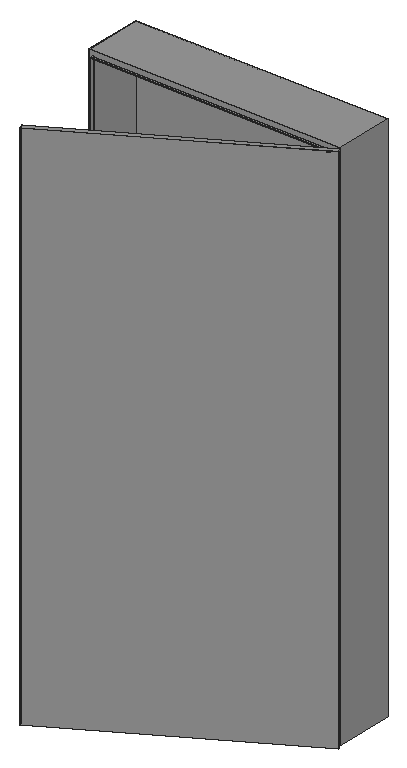
Revit family "Hager-Univers-IP54-D205-H1700-Cl.I-encl-NoHosted-DE-de", category Equipement électrique, Revit 2020
Family settings
  Configuration du panneau = Deux colonnes, circuits au sein
  Cote de connecteur circulaire = Utiliser le diamètre
  Type d'élément = Tableau de raccordement
  Basée sur le plan de construction = Oui
  Toujours verticalement = Oui
  Couper avec des vides une fois chargée = Non
  Partagée = Non
  Point de calcul de pièce = Non
Parameters (values of type "Aufputz IP54 B800 H1700 T205  - FP13TW2")
  Width Control [instance] = if([EF000008 - Breite] > Min Width, [EF000008 - Breite], Min Width)  # 800 mm
  Commentaires du type = [HG000003 - Bereich]  # "Univers"
  Thickness Door [instance] = if([EF009171 - Materialstärke Tür/Deckel] > 3 mm, 3 mm, [EF009171 - Materialstärke Tür/Deckel])  # 1 mm
  Seal Frame Offset [instance] = 17 mm  # constant formula
  Plinth Visibility [instance] = [HG000027 - Sockelhöhe] > 0 mm  # no
  Min Width [instance] = 100 mm  # constant formula
  Min Depth [instance] = (2 * [EF009170 - Materialstärke Gehäuse]) + 1 mm  # 3 mm
  Min Height [instance] = 100 mm  # constant formula
  Internal Frame Depth [instance] = (Door System Depth * 0.5)  # 9 mm
  Panel Name [instance] = ""  # (empty or 0)
  Model = ""
  HG000027 - Sockelhöhe = 0 mm
  HG000026 - Stehend auf dem Boden = no
  HG000024 - Höhe des unteren Teils = 600 mm
  HG000023 - Gehäuse mit doppeltem Querschnitt = no
  HG000016 - 3D-Türsichtbarkeit [instance] = yes
  HG000015 - Sichtbarkeit der Türöffnung [instance] = no
  HG000014 - Tür rechts [instance] = yes
  HG000013 - Tür links [instance] = not([HG000014 - Tür rechts])  # no
  HG000012 - Türschwenkwinkel [instance] = 30.00°
  HG000010 - Asymmetrische Türen = no
  HG000009 - Doppelflügeligen Tür = no
  HG000006 - Unterputz = no
  HG000004 - Herstellerreferenz = "FP13TW2"
  HG000003 - Bereich = "Univers"
  HG000002 - Mit tür = yes
  Frame Offset Bottom [instance] = 10 mm  # constant formula
  Frame Offset [instance] = 15 mm  # constant formula
  EF015940 - Deckel mit Überdruckentlastung = no
  EF011959 - Schutzart (NEMA) = ""
  EF009554 - Anzahl der Öffnungen für Flanschplatten = 6
  EF009212 - Ausführung Deckel = "EV000116 - geschlossen"
  EF009171 - Materialstärke Tür/Deckel = 1 mm
  EF009170 - Materialstärke Gehäuse = 1 mm
  EF008873 - Nennstrom (In) = 400 A
  EF007800 - Geeignet für Blitzschutz = no
  EF006306 - Mit Schloss = no
  EF006244 - Transparenter Deckel/Tür = no
  EF005474 - Schutzart (IP) = "EV006419 - IP54"
  EF004464 - Art der Tür = "EV002646 - Einzel"
  EF004427 - Anzahl der Module = 396
  EF004293 - Schlagfestigkeit = "EV006815 - IK09"
  EF003532 - Geeignet für Außengebrauch = no
  EF002950 - Breite in Teilungseinheiten = 36
  EF001613 - Funktionserhalt = "EV000494 - ohne"
  EF001596 - Werkstoff des Gehäuses = "EV000179 - Stahl"
  EF001131 - Innentiefe = 205 mm
  EF001088 - Anbaumöglichkeit = yes
  EF000437 - Anzahl der Leitungseinführungen = 6
  EF000339 - Art der Abdeckung = "EV001012 - Deckel"
  EF000266 - Anzahl der Reihen = 11
  EF000218 - Einbautiefe = 205 mm
  EF000118 - Mit Montageplatte = no
  EF000116 - RAL-Nummer = "9010"
  EF000049 - Tiefe = 205 mm
  EF000040 - Höhe = 1700 mm
  EF000008 - Breite = 800 mm
  EF000007 - Farbe = "EV000202 - weiß"
  EF000003 - Montageart = "EV000384 - Aufputz"
  Door System Leaf Tolerance [instance] = 1.5 mm  # constant formula
  Door System Depth [instance] = 18 mm  # constant formula
  Door Height [instance] = Height Control - [HG000027 - Sockelhöhe]  # 1700 mm
  Description = ""
  Default Elevation = 1219.2 mm
  Connector Offset [instance] = Height Control / 2  # 850 mm
  Fabricant = "Hager"  # constant formula
  Height Control [instance] = if([EF000040 - Höhe] > Min Height, [EF000040 - Höhe], Min Height)  # 1700 mm
  Depth Control [instance] = if([EF000049 - Tiefe] > Min Depth, [EF000049 - Tiefe], Min Depth)  # 205 mm
  Bottom Top Plate Trim [instance] = 1.5 mm  # constant formula
  Plinth height Ctrl [instance] = if([HG000027 - Sockelhöhe] > 0 mm, [HG000027 - Sockelhöhe], 12 mm)  # 12 mm
Types (8, lengths in mm): name | Width Control | HG000009 - Doppelflügeligen Tür | HG000004 - Herstellerreferenz | EF009554 - Anzahl der Öffnungen für Flanschplatten | EF008873 - Nennstrom (In) | EF004464 - Art der Tür | EF004427 - Anzahl der Module | EF002950 - Breite in Teilungseinheiten | EF000437 - Anzahl der Leitungseinführungen | EF000008 - Breite
  Aufputz IP54 B1050 H1700 T205  - FP14TW2 | 1050 | yes | "FP14TW2" | 8 | 400 A | "EV003602 - Doppel" | 528 | 48 | 8 | 1050
  Aufputz IP54 B1300 H1700 T205  - FP15TW | 1300 | yes | "FP15TW" | 10 | 400 A | "EV003602 - Doppel" | 660 | 60 | 10 | 1300
  Aufputz IP54 B1300 H1700 T205  - FP15TW2 | 1300 | no | "FP15TW2" | 10 | 400 A | "EV003602 - Doppel" | 660 | 60 | 10 | 1300
  Aufputz IP54 B300 H1700 T205  - FP11TW2 | 300 | no | "FP11TW2" | 2 | 250 A | "EV002646 - Einzel" | 132 | 12 | 2 | 300
  Aufputz IP54 B550 H1700 T205  - FP12TW | 550 | no | "FP12TW" | 4 | 250 A | "EV002646 - Einzel" | 264 | 24 | 4 | 550
  Aufputz IP54 B550 H1700 T205  - FP12TW2 | 550 | no | "FP12TW2" | 4 | 250 A | "EV002646 - Einzel" | 264 | 24 | 4 | 550
  Aufputz IP54 B800 H1700 T205  - FP13TW | 800 | no | "FP13TW" | 6 | 400 A | "EV002646 - Einzel" | 396 | 36 | 6 | 800
  Aufputz IP54 B800 H1700 T205  - FP13TW2 | 800 | no | "FP13TW2" | 6 | 400 A | "EV002646 - Einzel" | 396 | 36 | 6 | 800
Reference planes
  plane 1 "Center (Front/Back)": y = 0
  plane 2: z = 0
  plane 3 "Center (Left/Right)": x = 0
  plane 4: y = 0
  plane 5: y = 0
  plane 6: z = 0
  plane 7: x = -400
  plane 8: x = 400
  plane 9: x = 399
  plane 10: x = -399
  plane 11: z = 0
  plane 12: z = 1
  plane 13: y = -205
  plane 14: y = -1
  plane 15: x = 0
  plane 16: y = -187
  plane 17: y = -204
  plane 18: y = -186
  plane 19: x = -384
  plane 20: x = 384
  plane 21: z = 11
  plane 22: x = -383
  plane 23: x = 383
  plane 24: z = 0
  plane 25: z = 1700
  plane 26: z = 1700
  plane 27: z = 1684
  plane 28: z = 1699
Forms (mm)
  Extrusion 1, solid, material "Hager_Steel_RAL7035_Light_Grey", detail levels medium+fine
    sketch origin (-208.679, -4572, 0) x (-1, 0, 0) y (0, -1, 0)
      loop
        line (191.321, -4385) -> (-608.679, -4385) -> (-608.679, -4572) -> (191.321, -4572) -> (191.321, -4385)
    from 0 to 1700
  Extrusion 2, void
    sketch origin (-350.771, -205, 1219.2) x (1, 0, 0) y (0, 0, 1)
      loop
        line (-48.229, 479.8) -> (-48.229, -1218.2) -> (749.771, -1218.2) -> (749.771, 479.8) -> (-48.229, 479.8)
    from -19 to -204
  Extrusion 3, void
    sketch origin (-290.084, -187, 1219.2) x (1, 0, 0) y (0, 0, 1)
      loop
        line (-93.916, -1208.2) -> (674.084, -1208.2) -> (674.084, 464.8) -> (-93.916, 464.8) -> (-93.916, -1208.2)
    from 0 to -1
  Extrusion 4, solid, material "Hager_Steel_RAL7035_Light_Grey", visible <- "Plinth Visibility", detail levels medium+fine
    sketch origin (0, 0, 0) x (1, 0, 0) y (0, 1, 0)
      loop
        line (-400, 0) -> (-400, -187) -> (400, -187) -> (400, 0) -> (-400, 0)
    from 0 to 12 <- "Plinth height Ctrl"
  Extrusion 5, solid, material "Hager_Steel_RAL7035_Light_Grey", detail levels coarse
    sketch origin (0, 0, 0) x (1, 0, 0) y (0, 1, 0)
      loop
        line (-400, 0) -> (-400, -205) -> (400, -205) -> (400, 0) -> (-400, 0)
    from 0 to 1700 <- "Height Control"
  Sweep 6, void
    path in 3D
      loop
        line (-400, -187, 12) -> (400, -187, 12) -> (400, 0, 12) -> (-400, 0, 12) -> (-400, -187, 12)
    profile origin (-400, -93.5, 12) x (1, 0, 0) y (0, 0, 1)
      loop
        line (0, 0) -> (0, -1.5) -> (1.5, -1.5)
        arc (1.5, -1.5) -> (1.061, -0.439) -> (0, 0) r 1.5
  Extrusion 7, solid, material "Hager_Steel_RAL7035_Light_Grey", detail levels fine
    sketch origin (-400, -187, 0) x (1, 0, 0) y (0, 0, 1)
      loop
        line (16, 11) -> (784, 11) -> (784, 1684) -> (16, 1684) -> (16, 11)
      loop
        line (15, 10) -> (785, 10) -> (785, 1685) -> (15, 1685) -> (15, 10)
    from 0 to 9 <- "Internal Frame Depth"
Cuts and joins
  Extrusion 2, Extrusion 3 cuts Extrusion 1
  Sweep 6 cuts Extrusion 4
Lines and regions (mm)
  Masking region 1
    outline origin (0, 0, 0) x (1, 0, 0) y (0, 1, 0)
      loop
        line (-400, 0) -> (-400, -205) -> (400, -205) -> (400, 0) -> (-400, 0)
  Masking region 2, detail levels coarse
    outline origin (-290.084, -187, 1219.2) x (-1, 0, 0) y (0, 0, 1)
      loop
        line (-690.084, -1219.2) -> (109.916, -1219.2) -> (109.916, 480.8) -> (-690.084, 480.8) -> (-690.084, -1219.2)
  Masking region 3, detail levels coarse
    outline origin (0, 0, 0) x (0, 1, 0) y (0, 0, 1)
      loop
        line (0, 0) -> (0, 1700) -> (-205, 1700) -> (-205, 0) -> (0, 0)
  Masking region 4, visible <- "Plinth Visibility", detail levels medium+fine
    outline origin (0, 0, 0) x (0, 1, 0) y (0, 0, 1)
      loop
        line (-1.5, 12) -> (-185.5, 12)
        arc (-185.5, 12) -> (-185.939, 10.939) -> (-187, 10.5) r 1.5
        line (-187, 10.5) -> (-187, 0) -> (0, 0) -> (0, 10.5)
        arc (0, 10.5) -> (-1.061, 10.939) -> (-1.5, 12) r 1.5
  Masking region 5, detail levels medium+fine
    outline origin (0, 0, 594.038) x (0, 1, 0) y (0, 0, 1)
      loop
        line (0, -594.038) -> (0, 1105.962) -> (-187, 1105.962) -> (-187, -594.038) -> (0, -594.038)
  Masking region 6, detail levels medium+fine
    outline origin (-359.7, -187, 1211.883) x (-1, 0, 0) y (0, 0, 1)
      loop
        line (-759.7, -1211.883) -> (40.3, -1211.883) -> (40.3, 488.117) -> (-759.7, 488.117) -> (-759.7, -1211.883)
  Masking region 7, visible <- "Plinth Visibility", detail levels medium+fine
    outline origin (-320.334, -187, 1041.368) x (-1, 0, 0) y (0, 0, 1)
      loop
        line (-720.334, -1041.368) -> (79.666, -1041.368) -> (79.666, -1030.868)
        arc (79.666, -1030.868) -> (78.606, -1030.429) -> (78.166, -1029.368) r 1.5
        line (78.166, -1029.368) -> (-718.834, -1029.368)
        arc (-718.834, -1029.368) -> (-719.273, -1030.429) -> (-720.334, -1030.868) r 1.5
        line (-720.334, -1030.868) -> (-720.334, -1041.368)
  sketch lines
    curve 1: line (-400, 0, 12) -> (-400, -187, 12)
    curve 2: line (-400, -187, 12) -> (400, -187, 12)
    curve 3: line (400, 0, 12) -> (-400, 0, 12)
    curve 4: line (400, -187, 12) -> (400, 0, 12)
Dimensions and locks
  locked: plane 1 "Center (Front/Back)" to plane 5
  "EF009170 - Materialstärke Gehäuse": plane 7 to plane 10
  "EF009170 - Materialstärke Gehäuse": plane 8 to plane 9
  equal spacing: plane 7, plane 3 "Center (Left/Right)", plane 8
  "Width Control": plane 7 to plane 8
  "Depth Control": plane 4 to plane 13
  "EF009170 - Materialstärke Gehäuse": plane 4 to plane 14
  "Height Control": plane 25 to level
  "HG000027 - Sockelhöhe": plane 11 to level
  "EF009170 - Materialstärke Gehäuse": plane 12 to plane 11
  "EF009170 - Materialstärke Gehäuse": plane 17 to plane 13
  "EF009170 - Materialstärke Gehäuse": plane 18 to plane 16
  "Frame Offset Bottom": plane 21 to plane 12
  "Frame Offset": plane 10 to plane 19
  "Frame Offset": plane 9 to plane 20
  "Door System Depth": plane 16 to plane 13
  "Seal Frame Offset": plane 7 to plane 22
  "Seal Frame Offset": plane 8 to plane 23
  "EF009170 - Materialstärke Gehäuse": plane 26 to plane 28
  "Frame Offset": plane 28 to plane 27
  "Connector Offset": plane 2 to connector elem
  "Bottom Top Plate Trim": profile plane to Sweep 6 sketch curve
  "Bottom Top Plate Trim": Sweep 6 sketch curve to Sweep 6 sketch curve
  "Plinth height Ctrl": Masking region 4 sketch curve to level
  "Plinth height Ctrl": Masking region 7 sketch curve to level
  "Thickness Door": Extrusion 7 sketch curve to Extrusion 7 sketch curve  (x4)
  "Bottom Top Plate Trim": radius of Sweep 6 sketch curve
  "Bottom Top Plate Trim": radius of Masking region 4 sketch curve  (x2)
  "Bottom Top Plate Trim": radius of Masking region 7 sketch curve  (x2)
  aligned and locked: Extrusion 2 sketch curve to plane 12
  aligned and locked: Extrusion 2 sketch curve to plane 9
  aligned and locked: Extrusion 2 sketch curve to plane 10
  aligned and locked: Extrusion 2 to plane 14
  aligned and locked: Extrusion 1 sketch curve to plane 4
  aligned and locked: plane 8 to Extrusion 1 sketch curve
  aligned and locked: plane 7 to Extrusion 1 sketch curve
  aligned and locked: Extrusion 2 to plane 18
  aligned and locked: Extrusion 3 sketch curve to plane 19
  aligned and locked: plane 20 to Extrusion 3 sketch curve
  aligned and locked: Extrusion 3 to Extrusion 2
  aligned and locked: Extrusion 3 sketch curve to plane 21
  aligned and locked: plane 3 "Center (Left/Right)" to nested 1
  aligned and locked: Extrusion 1 sketch curve to plane 16
  aligned and locked: Extrusion 4 sketch curve to cut or joined group of Extrusion 1, Extrusion 2, Extrusion 3
  aligned and locked: Masking region 1 sketch curve to plane 7
  aligned and locked: Masking region 1 sketch curve to plane 5
  aligned and locked: Masking region 1 sketch curve to plane 8
  aligned and locked: Masking region 2 sketch curve to level
  aligned and locked: level to Masking region 3 sketch curve
  aligned and locked: plane 1 "Center (Front/Back)" to Masking region 3 sketch curve
  aligned and locked: plane 13 to Masking region 3 sketch curve
  aligned and locked: plane 5 to Masking region 4 sketch curve
  aligned and locked: Masking region 2 sketch curve to plane 8
  aligned and locked: Masking region 2 sketch curve to plane 7
  aligned and locked: plane 7 to nested 2
  aligned and locked: nested 2 to plane 5
  aligned and locked: plane 5 to Masking region 5 sketch curve
  aligned and locked: plane 26 to Masking region 5 sketch curve
  aligned and locked: Extrusion 5 sketch curve to plane 8
  aligned and locked: Extrusion 5 sketch curve to plane 7
  aligned and locked: Extrusion 5 sketch curve to plane 5
  aligned and locked: Extrusion 3 sketch curve to plane 27
  aligned and locked: Extrusion 2 sketch curve to plane 28
  aligned and locked: Masking region 2 to plane 25
  aligned and locked: Extrusion 4 to plane 16
  aligned and locked: profile plane to Sweep 6 sketch curve
  aligned and locked: Masking region 5 sketch curve to plane 24
  aligned and locked: level to Masking region 4 sketch curve
  aligned and locked: Masking region 1 to plane 13
  aligned and locked: nested 1 to plane 16
  aligned and locked: Masking region 3 to plane 25
  aligned and locked: plane 16 to Masking region 4 sketch curve
  aligned and locked: Masking region 5 sketch curve to plane 16
  aligned and locked: plane 24 to plane 11
  aligned and locked: plane 26 to plane 25
  aligned and locked: plane 26 to cut or joined group of Extrusion 1, Extrusion 2, Extrusion 3
  aligned and locked: nested 1 to plane 24
  aligned and locked: Extrusion 1 to Extrusion 3
  aligned and locked: Masking region 6 sketch curve to plane 8
  aligned and locked: Masking region 6 sketch curve to plane 24
  aligned and locked: Masking region 6 sketch curve to plane 7
  aligned and locked: Masking region 6 sketch curve to plane 26
  aligned and locked: Masking region 7 sketch curve to plane 7
  aligned and locked: level to Masking region 7 sketch curve
  aligned and locked: Masking region 7 sketch curve to plane 8
  aligned and locked: Extrusion 7 sketch curve to cut or joined group of Extrusion 1, Extrusion 2, Extrusion 3  (x4)
Automatic sketch dimensions
  plane 19 to Extrusion 3 sketch curve = 0 mm
  Extrusion 3 sketch curve to plane 20 = 0 mm
  Extrusion 3 sketch curve to plane 21 = 0 mm
  Extrusion 4 sketch curve to plane 7 = 0 mm
  Extrusion 4 sketch curve to plane 8 = 0 mm
  Extrusion 4 sketch curve to plane 16 = 0 mm
  Masking region 1 sketch curve to plane 13 = 0 mm
  Masking region 2 sketch curve to plane 25 = 0 mm
  Masking region 3 sketch curve to plane 25 = 0 mm
  Extrusion 5 sketch curve to plane 13 = 0 mm
  profile plane to Sweep 6 sketch curve = 0 mm
Nested families
  nested 1: "EC000058_Univers_Door" at (0, -187, 0), Double <- "HG000009 - Doppelflügeligen Tür", Transparent <- "EF006244 - Transparenter Deckel/Tür", Angle <- "HG000012 - Türschwenkwinkel", Door_Right <- "HG000014 - Tür rechts", Assymetrical <- "HG000010 - Asymmetrische Türen", Door <- "HG000002 - Mit tür", Width_Ctrl <- "Width Control", 3d_Door <- "HG000016 - 3D-Türsichtbarkeit", Clearance <- "HG000015 - Sichtbarkeit der Türöffnung", Door_Left <- "HG000013 - Tür links", Width <- "Width Control", Door_Depth <- "Door System Depth", Leaf_Tolerance <- "Door System Leaf Tolerance", Height <- "Door Height", Lock_Visibility <- "EF006306 - Mit Schloss", Thickness <- "Thickness Door", type "EC000058_Univers_Door", detail levels medium+fine
    with min_wh 3 mm, Width_Ctrl 800 mm, Width 800 mm, Transparent no, Thickness 1 mm, Seal_Material Hager_Rubber, Lock_Visibility no, Lock_Material Hager_Plastic_RAL9005_Jet_Black, Leaf_Width 800 mm, Leaf_Tolerance_External_Sides 0 mm, Leaf_Tolerance 1.5 mm, Leaf_Offset 0 mm, Leaf_Height 1697 mm, Leaf_2_Width 800 mm, Leaf_2_Offset 400 mm, Leaf_1_Width 800 mm, Leaf_1_Offset 400 mm, Height_Ctrl 1700 mm, Height 1700 mm, Glass_Material Hager_Glass, Double_Clearance_Ctrl no, Double no, Door_Right_Ctrl yes, Door_Right yes, Door_Material Hager_Steel_RAL7035_Light_Grey, Door_Left_Ctrl no, Door_Left no, Door_Depth 18 mm, Door yes, Clearance_Material Hager_Clearance, Clearance_Depth 800 mm, Clearance_Ctrl no, Clearance no, Assymetrical no, Angle 30.00°, 3d_Door yes
  nested 2: "Hager_Enclosure_Symbol" at (-400, 0, 0), Height <- "Depth Control", Width <- "Width Control", type "Hager_Enclosure_Symbol"
    with Width_Ctrl 800 mm, Width 800 mm, Height_Ctrl 205 mm, Height 205 mm, A_Width_Int 13.453 mm, A_Width 161.438 mm, A_Height_Ctrl 179.375 mm, A_Height 179.375 mm
Connectors
  electrical at (0, 0, 850)
    settings: on plane 1 "Center (Front/Back)", index 1, voltage 0 V, apparent load 0 VA, apparent load phase1 0 VA, apparent load phase2 0 VA, apparent load phase3 0 VA, power factor 1, load classification "Other", number of poles 1, system type 30, power factor state 1, is connector primary yes, connector utility no, sub classification motor no, connector description ""
Definition of nested family "EC000058_Univers_Door"
  Parameters (values of type "EC000058_Univers_Door")
    min_wh [instance] = (2 * Thickness) + 1 mm  # 11 mm
    Width_Ctrl [instance] = 400 mm
    Width [instance] = 500 mm
    Transparent [instance] = yes
    Thickness [instance] = 5 mm
    Seal_Material [instance] = none
    Lock_Visibility [instance] = yes
    Lock_Material [instance] = none
    Leaf_Width [instance] = if((Width_Ctrl - 2 * Leaf_Tolerance_External_Sides) > 0 mm, (Width_Ctrl - 2 * Leaf_Tolerance_External_Sides), min_wh)  # 400 mm
    Leaf_Tolerance_External_Sides [instance] = 0 mm  # constant formula
    Leaf_Tolerance [instance] = 1.5 mm
    Leaf_Offset [instance] = 0 mm  # constant formula
    Leaf_Height [instance] = if((Height_Ctrl - 2 * Leaf_Tolerance) > 0 mm, (Height_Ctrl - 2 * Leaf_Tolerance), min_wh)  # 497 mm
    Leaf_2_Width [instance] = if(and(and(Double, Assymetrical), Door_Left), (Leaf_Width / 3) - (Leaf_Tolerance / 2), if(and(and(Double, Assymetrical), Door_Right), (Leaf_Width / 3) * 2 - (Leaf_Tolerance / 2), if(and(Double, not(Assymetrical)), (Leaf_Width / 2) - Leaf_Tolerance, Leaf_Width)))  # 400 mm
    Leaf_2_Offset [instance] = if(and(Double, Assymetrical), Leaf_2_Width / 2, if(and(Double, not(Assymetrical)), Leaf_Width / 4, Leaf_Width / 2))  # 200 mm
    Leaf_1_Width [instance] = if(and(and(Double, Assymetrical), Door_Right), (Leaf_Width / 3) - (Leaf_Tolerance / 2), if(and(and(Double, Assymetrical), Door_Left), (Width / 3) * 2 - (Leaf_Tolerance / 2), if(and(Double, not(Assymetrical)), (Leaf_Width / 2) - Leaf_Tolerance, Leaf_Width)))  # 400 mm
    Leaf_1_Offset [instance] = if(and(Double, Assymetrical), Leaf_1_Width / 2, if(and(Double, not(Assymetrical)), Leaf_Width / 4, Leaf_Width / 2))  # 200 mm
    Height_Ctrl [instance] = if(Height > min_wh, Height, min_wh)  # 500 mm
    Height [instance] = 500 mm
    Glass_Material [instance] = none
    Double_Clearance_Ctrl [instance] = and(Double, Clearance)  # no
    Double [instance] = no
    Door_Right_Ctrl [instance] = and(or(Door_Right, Double), Door)  # yes
    Door_Right [instance] = yes
    Door_Material [instance] = none
    Door_Left_Ctrl [instance] = and(or(Door_Left, Double), Door)  # no
    Door_Left [instance] = no
    Door_Depth [instance] = 30 mm
    Door [instance] = yes
    Default Elevation = 1219.2 mm
    Clearance_Material [instance] = none
    Clearance_Depth [instance] = if(Leaf_1_Width > Leaf_2_Width, Leaf_1_Width, Leaf_2_Width)  # 400 mm
    Clearance_Ctrl [instance] = and(not(Double), Clearance)  # yes
    Clearance [instance] = yes
    Assymetrical [instance] = yes
    Angle [instance] = 30.00°
    3d_Door [instance] = yes
  Reference planes
    plane 1 "Center (Front/Back)": y = 0
    plane 2 "Bottom": z = 0
    plane 3 "Center (Left/Right)": x = 0
    plane 4: z = 500
    plane 5: x = -200
    plane 6: x = 200
    plane 7: z = 500
    plane 8: x = -200
    plane 9: z = 0
    plane 10: x = 200
    plane 11: y = 0
    plane 12: z = 1.5
    plane 13: x = -600
    plane 14: y = -400
    plane 15: x = 600
    plane 16: x = 0
    plane 17: x = 0
    plane 18: x = -200
    plane 19: x = 200
    plane 20: z = 498.5
  Forms (mm)
    Extrusion 1, solid, material <- "Clearance_Material", visible <- "Double_Clearance_Ctrl"
      sketch origin (1200, 0, 0) x (1, 0, 0) y (0, 0, -1)
        loop
          line (-1800, -498.5) -> (-600, -498.5) -> (-600, 0) -> (-1800, 0) -> (-1800, -498.5)
      from 0 to -400
  Dimensions and locks
    equal spacing: plane 5, plane 3 "Center (Left/Right)", plane 6
    "Width_Ctrl": plane 5 to plane 6
    "Leaf_Offset": plane 5 to plane 8
    "Leaf_Offset": plane 6 to plane 10
    "Leaf_Offset": plane 9 to level
    "Leaf_Offset": plane 4 to plane 7
    "Height_Ctrl": plane 4 to level
    "Leaf_Tolerance": plane 12 to plane 9
    locked: plane 11 to plane 1 "Center (Front/Back)"
    "Leaf_1_Offset": plane 18 to plane 16
    "Leaf_2_Offset": plane 17 to plane 19
    "Leaf_1_Width": plane 13 to plane 8
    "Leaf_2_Width": plane 10 to plane 15
    "Clearance_Depth": plane 14 to plane 1 "Center (Front/Back)"
    "Leaf_Tolerance_External_Sides": plane 8 to plane 18
    "Leaf_Tolerance_External_Sides": plane 19 to plane 10
    "Leaf_Tolerance": plane 7 to plane 20
    aligned and locked: level to plane 2 "Bottom"
    aligned and locked: nested 1 to plane 16
    aligned and locked: nested 2 to plane 17
    aligned and locked: Extrusion 1 to plane 13
    aligned and locked: plane 15 to Extrusion 1
    aligned and locked: Extrusion 1 to plane 14
    aligned and locked: plane 12 to nested 1
    aligned and locked: nested 2 to plane 12
    aligned and locked: Extrusion 1 to plane 11
    aligned and locked: plane 20 to Extrusion 1
    aligned and locked: nested 2 to plane 11
    aligned and locked: nested 1 to plane 11
  Automatic sketch dimensions
    Extrusion 1 sketch curve to level = 0 mm
    plane 5 to Extrusion 1 sketch curve = 400 mm
    plane 6 to Extrusion 1 sketch curve = 400 mm
    Extrusion 1 sketch curve to plane 4 = 1.5 mm
  Nested families
    nested 1: "EC000058_Univers_Door_Leaf" at (0, 0, 1.5), Width <- "Leaf_1_Width", visible <- "Door_Left_Ctrl", Leaf_Height <- "Leaf_Height", Angle <- "Angle", 3d_Door <- "3d_Door", Transparent <- "Transparent", Clearance Material <- "Clearance_Material", Clearance <- "Clearance_Ctrl", Door_Material <- "Door_Material", Glass_Material <- "Glass_Material", Door_Depth <- "Door_Depth", Lock_Material <- "Lock_Material", Seal_Material <- "Seal_Material", Lock_Visibility <- "Lock_Visibility", Thickness <- "Thickness", type "EC000058_Univers_Door_Leaf"
      with Width 400 mm, Transparent_Glass_Offset 30 mm, Transparent_Ctrl yes, Transparent yes, Thickness 5 mm, Standard no, Seal_Material none, Seal_D2 8 mm, Seal_D1 1 mm, Offset_Internal_Frame 10 mm, Lock_Width 20 mm, Lock_Visibility_3d yes, Lock_Visibility yes, Lock_Thickness_3 3 mm, Lock_Thickness_2 1 mm, Lock_Thickness_1 3 mm, Lock_Radius_Offset_2 16 mm, Lock_Radius_Offset_1 15 mm, Lock_Radius_2 5 mm, Lock_Radius 6 mm, Lock_Offset 5 mm, Lock_Material none, Lock_Height 80 mm, Lock_Cover_Top_Offset_2d 17 mm, Lock_Cover_Height -65 mm, Leaf_Height 497 mm, Internal_Seal_Thickness 8 mm, Internal_Seal_Depth_2 4.5 mm, Internal_Frame_Depth 25 mm, Glass_Thickness -1 mm, Glass_Offset -2 mm, Glass_Material none, Door_Material none, Door_Depth 30 mm, Clearance Material none, Clearance yes, Angle_Ctrl 30.00°, Angle 30.00°, 3d_Door yes
    nested 2: "EC000058_Univers_Door_Leaf" at (0, 0, 1.5) x (-1, 0, 0) z (0, 0, 1), Width <- "Leaf_2_Width", visible <- "Door_Right_Ctrl", Leaf_Height <- "Leaf_Height", Angle <- "Angle", 3d_Door <- "3d_Door", Transparent <- "Transparent", Clearance Material <- "Clearance_Material", Clearance <- "Clearance_Ctrl", Door_Material <- "Door_Material", Glass_Material <- "Glass_Material", Door_Depth <- "Door_Depth", Lock_Material <- "Lock_Material", Seal_Material <- "Seal_Material", Lock_Visibility <- "Lock_Visibility", Thickness <- "Thickness", type "EC000058_Univers_Door_Leaf"
      with Width 400 mm, Transparent_Glass_Offset 30 mm, Transparent_Ctrl yes, Transparent yes, Thickness 5 mm, Standard no, Seal_Material none, Seal_D2 8 mm, Seal_D1 1 mm, Offset_Internal_Frame 10 mm, Lock_Width 20 mm, Lock_Visibility_3d yes, Lock_Visibility yes, Lock_Thickness_3 3 mm, Lock_Thickness_2 1 mm, Lock_Thickness_1 3 mm, Lock_Radius_Offset_2 16 mm, Lock_Radius_Offset_1 15 mm, Lock_Radius_2 5 mm, Lock_Radius 6 mm, Lock_Offset 5 mm, Lock_Material none, Lock_Height 80 mm, Lock_Cover_Top_Offset_2d 17 mm, Lock_Cover_Height -65 mm, Leaf_Height 497 mm, Internal_Seal_Thickness 8 mm, Internal_Seal_Depth_2 4.5 mm, Internal_Frame_Depth 25 mm, Glass_Thickness -1 mm, Glass_Offset -2 mm, Glass_Material none, Door_Material none, Door_Depth 30 mm, Clearance Material none, Clearance yes, Angle_Ctrl 30.00°, Angle 30.00°, 3d_Door yes
  Definition of nested family "EC000058_Univers_Door_Leaf"
    Parameters (values of type "EC000058_Univers_Door_Leaf")
      Width [instance] = 2000 mm
      Transparent_Glass_Offset [instance] = 30 mm
      Transparent_Ctrl [instance] = and(Transparent, [3d_Door])  # yes
      Transparent [instance] = yes
      Thickness [instance] = 5 mm
      Standard [instance] = and(not(Transparent), [3d_Door])  # no
      Seal_Material [instance] = none
      Seal_D2 [instance] = 8 mm  # constant formula
      Seal_D1 [instance] = 1 mm  # constant formula
      Offset_Internal_Frame [instance] = 10 mm  # constant formula
      Lock_Width [instance] = 20 mm  # constant formula
      Lock_Visibility_3d [instance] = and(Lock_Visibility, [3d_Door])  # yes
      Lock_Visibility [instance] = yes
      Lock_Thickness_3 [instance] = 3 mm  # constant formula
      Lock_Thickness_2 [instance] = 1 mm  # constant formula
      Lock_Thickness_1 [instance] = 3 mm  # constant formula
      Lock_Radius_Offset_2 [instance] = Lock_Radius_Offset_1 + 1 mm  # 16 mm
      Lock_Radius_Offset_1 [instance] = 15 mm  # constant formula
      Lock_Radius_2 [instance] = Lock_Radius - 1 mm  # 5 mm
      Lock_Radius [instance] = 6 mm  # constant formula
      Lock_Offset [instance] = 5 mm  # constant formula
      Lock_Material [instance] = none
      Lock_Height [instance] = 80 mm  # constant formula
      Lock_Cover_Top_Offset_2d [instance] = Lock_Radius_Offset_2 + 1 mm  # 17 mm
      Lock_Cover_Height [instance] = -(Lock_Height - Lock_Radius_Offset_1)  # -65 mm
      Leaf_Height [instance] = 2720.336 mm
      Internal_Seal_Thickness [instance] = 8 mm  # constant formula
      Internal_Seal_Depth_2 [instance] = 4.5 mm  # constant formula
      Internal_Frame_Depth [instance] = if(Door_Depth - Thickness > 5 mm, Door_Depth - Thickness, 5 mm)  # 25 mm
      Glass_Thickness [instance] = if(Thickness > 15 mm, Glass_Offset + 10 mm, -1 mm)  # -1 mm
      Glass_Offset [instance] = if(Thickness > 15 mm, -(Thickness + 10 mm) / 2, -2 mm)  # -2 mm
      Glass_Material [instance] = none
      Door_Material [instance] = none
      Door_Depth [instance] = 30 mm
      Default Elevation = 0 mm
      Clearance Material [instance] = none
      Clearance [instance] = yes
      Angle_Ctrl [instance] = if(Angle > 180.00°, 180.00°, Angle)  # 90.00°
      Angle [instance] = 90.00°
      3d_Door [instance] = yes
    Reference planes
      plane 1 "Center (Front/Back)": y = 0
      plane 2: z = 0
      plane 3 "Center (Left/Right)": x = 0
      plane 4: y = 2000
      plane 5: x = -1000
      plane 6: x = 1000
      plane 7: x = -3000
      plane 8: z = 2720.336
      plane 9: z = 30
      plane 10: z = 2690.336
      plane 11: x = 970
      plane 12: x = -970
      plane 13: y = -3
      plane 14: z = 107.833
      plane 15: y = -5
      plane 16: y = -223.314
      plane 17: x = -1000
      plane 18: z = 1360.168
      plane 19: y = 30
    Forms (mm)
      Extrusion 1, solid, material <- "Clearance Material", visible <- "Clearance"
        sketch origin (0, 0, 0) x (1, 0, 0) y (0, 0, 1)
          loop
            line (-3000, 2720.336) -> (-3000, 0) -> (1000, 0) -> (1000, 2720.336) -> (-3000, 2720.336)
        from 0 to -2000
      Extrusion 2, solid, material <- "Door_Material", visible <- "Standard", detail levels medium+fine
        sketch origin (-1000, 0, 0) x (0, 1, 0) y (-1, 0, 0)
          loop
            line (0, 30) -> (0, 25) -> (2000, 25) -> (2000, 30) -> (0, 30)
        from 0 to 2720.336 <- "Leaf_Height"
      Extrusion 3, solid, material <- "Door_Material", visible <- "Transparent_Ctrl", detail levels medium+fine
        sketch origin (-1000, 0, 0) x (0, 1, 0) y (-1, 0, 0)
          loop
            line (0, 25) -> (2000, 25) -> (2000, 30) -> (0, 30) -> (0, 25)
        from 0 to 2720.336 <- "Leaf_Height"
      Extrusion 4, void
        sketch origin (-1025, 2000, 0) x (0, 1, 0) y (0, 0, -1)
          loop
            line (-30, -2690.336) -> (-30, -30) -> (-1970, -30) -> (-1970, -2690.336) -> (-30, -2690.336)
        from 0 to 5 <- "Thickness"
      Sweep 5, solid, material <- "Seal_Material", visible <- "Transparent_Ctrl", detail levels fine
        path in 3D
          loop
            line (-1025, 30, 30) -> (-1025, 30, 2690.336) -> (-1025, 1970, 2690.336) -> (-1025, 1970, 30) -> (-1025, 30, 30)
        profile origin (-1025, 1000, 30) x (1, 0, 0) y (0, 0, 1)
          loop
            line (0, 0) -> (0, -8) -> (1, -8) -> (1, 0) -> (0, 0)
      Extrusion 6, solid, material <- "Glass_Material", visible <- "Transparent_Ctrl", detail levels medium+fine
        sketch origin (-1030, 0, 0) x (0, 1, 0) y (0, 0, -1)
          loop
            line (1970, -2690.336) -> (1970, -30) -> (30, -30) -> (30, -2690.336) -> (1970, -2690.336)
        from -2 <- "Glass_Offset" to -1 <- "Glass_Thickness"
      Extrusion 7, solid, material <- "Door_Material", visible <- "3d_Door", detail levels medium+fine
        sketch origin (-1025, 2000, 0) x (0, -1, 0) y (0, 0, -1)
          loop
            line (0, -2720.336) -> (2000, -2720.336) -> (2000, 0) -> (0, 0) -> (0, -2720.336)
          loop
            line (1995, -5) -> (5, -5) -> (5, -2715.336) -> (1995, -2715.336) -> (1995, -5)
        from 0 to 25 <- "Internal_Frame_Depth"
      Sweep 8, solid, material <- "Seal_Material", visible <- "Transparent_Ctrl", detail levels fine
        path in 3D
          loop
            line (-1025, 0, 0) -> (-1025, 2000, 0) -> (-1025, 2000, 2720.336) -> (-1025, 0, 2720.336) -> (-1025, 0, 0)
        profile origin (-1025, 0, 1360.168) x (1, 0, 0) y (0, 1, 0)
          loop
            line (0, 10) -> (2.975, 10)
            arc (2.975, 10) -> (4.053, 10.447) -> (4.5, 11.525) r 1.525
            line (4.5, 11.525) -> (4.5, 16.527)
            arc (4.5, 16.527) -> (4.069, 17.569) -> (3.027, 18) r 1.473
            line (3.027, 18) -> (0, 18) -> (0, 10)
      Extrusion 9, solid, material <- "Lock_Material", visible <- "Lock_Visibility_3d", detail levels fine
        sketch origin (-1030, 0, 0) x (0, 1, 0) y (0, 0, -1)
          loop
            arc (1993.5, -1400.168) -> (1994.561, -1399.729) -> (1995, -1398.668) r 1.5
            line (1995, -1398.668) -> (1995, -1320.168) -> (1975, -1320.168) -> (1975, -1398.668)
            arc (1975, -1398.668) -> (1975.439, -1399.729) -> (1976.5, -1400.168) r 1.5
            line (1976.5, -1400.168) -> (1993.5, -1400.168)
        from 3 <- "Lock_Thickness_1" to 0
      Blend 10, solid, material <- "Lock_Material", visible <- "Lock_Visibility_3d", detail levels fine
        base sketch origin (-1033, 0, 0) x (0, 1, 0) y (0, 0, -1)
          loop
            line (1975, -1320.168) -> (1975, -1398.668)
            arc (1975, -1398.668) -> (1975.439, -1399.729) -> (1976.5, -1400.168) r 1.5
            line (1976.5, -1400.168) -> (1993.5, -1400.168)
            arc (1993.5, -1400.168) -> (1994.561, -1399.729) -> (1995, -1398.668) r 1.5
            line (1995, -1398.668) -> (1995, -1320.168) -> (1975, -1320.168)
        top sketch origin (-1033, 0, 0) x (0, 1, 0) y (0, 0, -1)
          loop
            line (1976, -1320.168) -> (1976, -1398.668)
            arc (1976, -1398.668) -> (1976.146, -1399.022) -> (1976.5, -1399.168) r 0.5
            line (1976.5, -1399.168) -> (1993.5, -1399.168)
            arc (1993.5, -1399.168) -> (1993.854, -1399.022) -> (1994, -1398.668) r 0.5
            line (1994, -1398.668) -> (1994, -1320.168) -> (1976, -1320.168)
        from 0 to 1 <- "Lock_Thickness_2"
      Blend 11, solid, material <- "Lock_Material", visible <- "Lock_Visibility_3d", detail levels fine
        base sketch origin (-1034, 0, 0) x (0, 1, 0) y (0, 0, -1)
          loop
            line (1978, -1320.168) -> (1978, -1384.168)
            arc (1978, -1384.168) -> (1985, -1391.168) -> (1992, -1384.168) r 7
            line (1992, -1384.168) -> (1992, -1320.168) -> (1978, -1320.168)
        top sketch origin (-1034, 0, 0) x (0, 1, 0) y (0, 0, -1)
          loop
            line (1991, -1320.168) -> (1979, -1320.168) -> (1979, -1383.168)
            arc (1979, -1383.168) -> (1985, -1389.168) -> (1991, -1383.168) r 6
            line (1991, -1383.168) -> (1991, -1320.168)
        from 0 to 3 <- "Lock_Thickness_3"
      Extrusion 12, solid, material <- "Lock_Material", visible <- "Lock_Visibility_3d", detail levels fine
        sketch origin (-1030, 1975, 1320.168) x (1, 0, 0) y (0, -1, 0)
          loop
            line (-7, -19) -> (-7, -1) -> (0, -1) -> (0, 0) -> (-8, 0) -> (-8, -20) -> (0, -20) -> (0, -19) -> (-7, -19)
        from 0 to -65 <- "Lock_Cover_Height"
      Extrusion 13, void
        sketch origin (-1038, 1995, 1320.168) x (-1, 0, 0) y (0, 0, -1)
          loop
            line (-5, -65) -> (0, -65) -> (-5, -60) -> (-5, -65)
        from 0 to 20 <- "Lock_Width"
      Extrusion 14, void
        sketch origin (-1038, 1975, 1320.168) x (0, -1, 0) y (0, 0, -1)
          loop
            circle (-10, -15.995) r 6
          loop
            circle (-10, -15.995) r 5
        from 0 to 2
      Extrusion 15, solid, material <- "Lock_Material", visible <- "Lock_Visibility_3d", detail levels medium
        sketch origin (-1030, 0, 0) x (0, 1, 0) y (0, 0, -1)
          loop
            arc (1993.5, -1400.168) -> (1994.561, -1399.729) -> (1995, -1398.668) r 1.5
            line (1995, -1398.668) -> (1995, -1320.168) -> (1975, -1320.168) -> (1975, -1398.668)
            arc (1975, -1398.668) -> (1975.439, -1399.729) -> (1976.5, -1400.168) r 1.5
            line (1976.5, -1400.168) -> (1993.5, -1400.168)
        from 8 to 0
    Cuts and joins
      Extrusion 4 cuts Extrusion 3
      Extrusion 13, Extrusion 14 cuts Extrusion 9
      Extrusion 14 cuts Blend 11
      Extrusion 13, Extrusion 14 cuts Extrusion 12
      joined: Extrusion 9, Blend 10, Blend 11, Extrusion 12
      Extrusion 14 cuts Extrusion 15
    Lines and regions (mm)
      Masking region 1, visible <- "Lock_Visibility", detail levels fine
        outline origin (0, 0, 0) x (0, 1, 0) y (0, 0, 1)
          loop
            line (30, 1320.168) -> (33, 1320.168) -> (33, 1400.168) -> (30, 1400.168) -> (30, 1320.168)
      Masking region 2, visible <- "Lock_Visibility", detail levels fine
        outline origin (0, 3.143, 0) x (0, 1, 0) y (0, 0, 1)
          loop
            line (29.857, 1354.168) -> (30.857, 1354.168) -> (30.857, 1366.168) -> (29.857, 1366.168) -> (29.857, 1354.168)
      Masking region 3, detail levels medium+fine
        outline origin (0, 0, 0) x (0, 1, 0) y (0, 0, 1)
          loop
            line (0, 0) -> (30, 0) -> (30, 2720.336) -> (0, 2720.336) -> (0, 0)
      Masking region 4, detail levels medium+fine
        outline origin (0, 0, 0) x (1, 0, 0) y (0, 0, 1)
          loop
            line (-1000, 2720.336) -> (-1000, 0) -> (1000, 0) -> (1000, 2720.336) -> (-1000, 2720.336)
      Masking region 5, visible <- "Lock_Visibility", detail levels fine
        outline origin (-47.116, 0, 0) x (1, 0, 0) y (0, 0, 1)
          loop
            arc (1024.616, 1399.168) -> (1023.556, 1398.729) -> (1023.116, 1397.668) r 1.5
            line (1023.116, 1397.668) -> (1023.116, 1320.168) -> (1041.116, 1320.168) -> (1041.116, 1397.668)
            arc (1041.116, 1397.668) -> (1040.677, 1398.729) -> (1039.616, 1399.168) r 1.5
            line (1039.616, 1399.168) -> (1024.616, 1399.168)
      Masking region 6, visible <- "Lock_Visibility", detail levels medium+fine
        outline origin (-25, 0, 0) x (1, 0, 0) y (0, 0, 1)
          loop
            arc (1001.5, 1400.168) -> (1000.439, 1399.729) -> (1000, 1398.668) r 1.5
            line (1000, 1398.668) -> (1000, 1320.168) -> (1020, 1320.168) -> (1020, 1398.668)
            arc (1020, 1398.668) -> (1019.561, 1399.729) -> (1018.5, 1400.168) r 1.5
            line (1018.5, 1400.168) -> (1001.5, 1400.168)
      Masking region 7, visible <- "Lock_Visibility", detail levels fine
        outline origin (-73.735, 0, 0) x (1, 0, 0) y (0, 0, 1)
          loop
            line (1051.735, 1382.168) -> (1065.735, 1382.168) -> (1065.735, 1384.168)
            arc (1065.735, 1384.168) -> (1058.735, 1391.168) -> (1051.735, 1384.168) r 7
            line (1051.735, 1384.168) -> (1051.735, 1382.168)
      Masking region 8, visible <- "Lock_Visibility", detail levels fine
        outline origin (-73.735, 0, 0) x (1, 0, 0) y (0, 0, 1)
          loop
            line (1052.735, 1382.168) -> (1064.735, 1382.168) -> (1064.735, 1383.168)
            arc (1064.735, 1383.168) -> (1058.735, 1389.168) -> (1052.735, 1383.168) r 6
            line (1052.735, 1383.168) -> (1052.735, 1382.168)
      Masking region 9, visible <- "Lock_Visibility", detail levels fine
        outline origin (-25, 0, 0) x (1, 0, 0) y (0, 0, 1)
          loop
            line (1020, 1320.168) -> (1020, 1382.168) -> (1000, 1382.168) -> (1000, 1320.168) -> (1020, 1320.168)
      Masking region 10, detail levels medium+fine
        outline origin (0, 0, 0) x (1, 0, 0) y (0, 0, 1)
          loop
            circle (985, 1335.144) r 6
      Masking region 11, detail levels fine
        outline origin (0, 0, 0) x (1, 0, 0) y (0, 0, 1)
          loop
            circle (985, 1335.144) r 5
      Masking region 12, visible <- "Lock_Visibility", detail levels fine
        outline origin (0, 12.767, 0) x (0, 1, 0) y (0, 0, 1)
          loop
            line (20.233, 1320.168) -> (21.233, 1320.168) -> (21.233, 1399.168) -> (20.233, 1400.168) -> (20.233, 1320.168)
      Masking region 13, visible <- "Lock_Visibility", detail levels fine
        outline origin (0, 13.767, -10) x (0, 1, 0) y (0, 0, 1)
          loop
            line (20.233, 1330.168) -> (23.233, 1330.168) -> (23.233, 1399.168) -> (20.233, 1402.168) -> (20.233, 1330.168)
      Masking region 14, visible <- "Lock_Visibility", detail levels fine
        outline origin (0, 12.767, -10) x (0, 1, 0) y (0, 0, 1)
          loop
            line (20.233, 1330.168) -> (25.233, 1330.168) -> (25.233, 1399.305) -> (20.233, 1394.305) -> (20.233, 1330.168)
      Masking region 15, visible <- "Lock_Visibility", detail levels medium
        outline origin (0, 0, 0) x (0, 1, 0) y (0, 0, 1)
          loop
            line (30, 1320.168) -> (38, 1320.168) -> (38, 1400.168) -> (30, 1400.168) -> (30, 1320.168)
      Masking region 16, visible <- "Lock_Visibility", detail levels fine
        outline origin (-1000, 0, 0) x (0, 1, 0) y (-1, 0, 0)
          loop
            line (1975, 30) -> (1995, 30) -> (1995, 38) -> (1975, 38) -> (1975, 30)
          loop
            line (1979, 37) -> (1976, 37) -> (1976, 34) -> (1978, 34) -> (1979, 37)
          loop
            line (1994, 37) -> (1991, 37) -> (1992, 34) -> (1994, 34) -> (1994, 37)
      Masking region 17, visible <- "Lock_Visibility", detail levels medium
        outline origin (-1000, 0, 0) x (0, 1, 0) y (-1, 0, 0)
          loop
            line (1975, 30) -> (1995, 30) -> (1995, 38) -> (1975, 38) -> (1975, 30)
      symbolic lines
        curve 1: line (1000, 0, 0) -> (-3000, 0, 0)
        curve 2: arc (1000, 0, 0) -> (-1000, 2000, 0) -> (-3000, 0, 0) r 2000
        curve 4: line (-1030, 0, 0) -> (-1030, 2000, 0)
      reference lines
        curve 3: line (-1000, 0, 0) -> (-1000, 2000, 0)
      symbolic lines, detail levels medium+fine
        curve 5: line (-1030, 2000, 0) -> (-1025, 2000, 0)
        curve 7: line (-1025, 0, 0) -> (-1030, 0, 0)
        curve 8: line (-1025, 0, 0) -> (-1000, 0, 0)
        curve 9: line (-1000, 0, 0) -> (-1000, 2000, 0)
        curve 10: line (-1000, 2000, 0) -> (-1025, 2000, 0)
      symbolic lines, detail levels fine
        curve 6: line (-1025, 2000, 0) -> (-1025, 0, 0)
      sketch lines
        curve 11: line (-1025, 0, 2720.336) -> (-1025, 0, 0)
        curve 12: line (-1025, 2000, 0) -> (-1025, 0, 0)
        curve 13: line (-1025, 2000, 2720.336) -> (-1025, 2000, 0)
        curve 14: line (-1025, 0, 2720.336) -> (-1025, 2000, 2720.336)
        curve 15: line (-1025, 1970, 30) -> (-1025, 30, 30)
        curve 16: line (-1025, 30, 30) -> (-1025, 30, 2690.336)
        curve 17: line (-1025, 1970, 2690.336) -> (-1025, 1970, 30)
        curve 18: line (-1025, 30, 2690.336) -> (-1025, 1970, 2690.336)
      symbolic lines, visible <- "Transparent", detail levels medium+fine
        curve 19: line (-970, 0, 2690.336) -> (970, 0, 2690.336)
        curve 20: line (-970, 0, 30) -> (-970, 0, 2690.336)
        curve 21: line (970, 0, 30) -> (-970, 0, 30)
        curve 22: line (970, 0, 2690.336) -> (970, 0, 30)
    Dimensions and locks
      "Width": plane 1 "Center (Front/Back)" to plane 4
      equal spacing: plane 5, plane 3 "Center (Left/Right)", plane 6
      "Width": plane 5 to plane 6
      "Width": plane 7 to plane 5
      "Leaf_Height": plane 8 to level
      "Width": curve 5 to curve 3
      "Width": curve 3 to curve 3
      plane 8 to plane 10 = 30 mm
      plane 9 to level = 30 mm
      plane 12 to plane 5 = 30 mm
      plane 6 to plane 11 = 30 mm
      Extrusion 1 to Extrusion 4 sketch curve = 30 mm
      "Transparent_Glass_Offset": curve 3 to Extrusion 4 sketch curve
      "Transparent_Glass_Offset": Extrusion 4 sketch curve to cut or joined group of Extrusion 3, Extrusion 4  (x2)
      cut or joined group of Extrusion 3, Extrusion 4 to Extrusion 6 sketch curve = 30 mm
      "Transparent_Glass_Offset": cut or joined group of Extrusion 3, Extrusion 4 to Extrusion 4 sketch curve
      "Thickness": curve 6 to curve 4
      "Thickness": Extrusion 7 sketch curve to Extrusion 7 sketch curve  (x4)
      "Door_Depth": curve 4 to curve 3
      "Offset_Internal_Frame": profile plane to Sweep 8 sketch curve
      "Internal_Seal_Thickness": Sweep 8 sketch curve to Sweep 8 sketch curve
      "Internal_Seal_Depth_2": profile plane to Sweep 8 sketch curve
      "Seal_D1": profile plane to Sweep 5 sketch curve
      "Seal_D2": profile plane to Sweep 5 sketch curve
      "Thickness": Extrusion 2 sketch curve to Extrusion 2 sketch curve
      equal spacing: Extrusion 9 sketch curve, plane 18, Extrusion 9 sketch curve  (x2)
      equal spacing: Masking region 1 sketch curve, plane 18, Masking region 1 sketch curve
      "Lock_Height": Masking region 1 sketch curve to Masking region 1 sketch curve
      "Lock_Radius": Masking region 2 sketch curve to plane 18 to Masking region 2 sketch curve
      Masking region 2 sketch curve to Masking region 1 = 1 mm
      "Door_Depth": plane 19 to plane 1 "Center (Front/Back)"
      "Lock_Thickness_1": Masking region 1 sketch curve to plane 19
      "Lock_Width": Extrusion 9 sketch curve to Extrusion 9 sketch curve
      "Lock_Height": Extrusion 9 sketch curve to Extrusion 9 sketch curve
      "Lock_Offset": cut or joined group of Extrusion 3, Extrusion 4 to Extrusion 9 sketch curve
      equal spacing: plane 8, plane 18, level
      "Lock_Radius_Offset_1": Blend 11 sketch curve to Blend 10
      locked: Blend 10 to Blend 11 sketch curve at 2  (x2)
      locked: var sketch to Blend 11 sketch curve at 1  (x2)
      "Lock_Radius_Offset_2": Blend 11 sketch curve to Blend 10
      locked: Extrusion 12 sketch curve to Extrusion 12 sketch curve at 1  (x3)
      Masking region 6 sketch curve to Masking region 6 sketch curve = 80 mm
      "Lock_Height": Masking region 6 sketch curve to Masking region 6 sketch curve
      "Lock_Width": Masking region 6 sketch curve to Masking region 6 sketch curve
      locked: Masking region 6 to Masking region 5 sketch curve at 1  (x3)
      locked: Masking region 5 to Masking region 7 sketch curve at 2  (x2)
      "Lock_Radius_Offset_1": Masking region 5 to Masking region 7 sketch curve
      "Lock_Radius_Offset_2": Masking region 5 to Masking region 8 sketch curve
      locked: Masking region 7 to Masking region 8 sketch curve at 1  (x2)
      "Lock_Cover_Top_Offset_2d": Masking region 5 to Masking region 9 sketch curve
      equal spacing: Masking region 9, Masking region 10 sketch curve, Masking region 9
      equal spacing: Masking region 9, Masking region 11 sketch curve, Masking region 9
      Extrusion 15 sketch curve to Extrusion 15 sketch curve = 80 mm
      "Lock_Width": Extrusion 15 sketch curve to Extrusion 15 sketch curve
      "Lock_Height": Extrusion 15 sketch curve to Extrusion 15 sketch curve
      equal spacing: Extrusion 15 sketch curve, plane 18, Extrusion 15 sketch curve
      "Lock_Thickness_3": Masking region 13 sketch curve to Masking region 13 sketch curve
      "Lock_Height": Masking region 12 sketch curve to Masking region 12 sketch curve
      locked: Masking region 13 sketch curve to Masking region 1 at 8
      locked: Masking region 14 sketch curve to Masking region 13 at 1
      locked: Masking region 14 sketch curve to Masking region 1 at 10.863
      "Lock_Height": Masking region 15 sketch curve to Masking region 15 sketch curve
      "Lock_Offset": Extrusion 15 sketch curve to cut or joined group of Extrusion 3, Extrusion 4
      "Lock_Offset": plane 6 to Masking region 6 sketch curve
      radius of Sweep 8 sketch curve = 1.525 mm
      radius of Sweep 8 sketch curve = 1.473 mm
      radius of Extrusion 9 sketch curve = 1.5 mm  (x2)
      "Lock_Radius": radius of Extrusion 14 sketch curve
      "Lock_Radius_2": radius of Extrusion 14 sketch curve
      "Lock_Radius": radius of Masking region 10 sketch curve
      "Lock_Radius_2": radius of Masking region 11 sketch curve
      radius of Extrusion 15 sketch curve = 1.5 mm  (x2)
      "Angle_Ctrl": angle plane 1 "Center (Front/Back)" to curve 3
      locked: Masking region 12 sketch curve to Masking region 12 sketch curve (angle 45.00°)
      locked: Masking region 13 sketch curve to Masking region 13 sketch curve (angle 45.00°)
      locked: Masking region 14 sketch curve to Masking region 14 sketch curve (angle 45.00°)
      aligned and locked: level to plane 2
      aligned and locked: Extrusion 1 to curve 1
      aligned and locked: plane 6 to Extrusion 1
      aligned and locked: Extrusion 1 to plane 1 "Center (Front/Back)"
      aligned and locked: plane 4 to Extrusion 1
      aligned and locked: plane 8 to Extrusion 1
      aligned and locked: curve 7 to Extrusion 2 sketch curve
      aligned and locked: curve 5 to Extrusion 2 sketch curve
      aligned and locked: curve 7 to Extrusion 3 sketch curve
      aligned and locked: Extrusion 3 sketch curve to curve 4
      aligned and locked: Extrusion 3 sketch curve to curve 6
      aligned and locked: Extrusion 3 sketch curve to curve 5
      aligned and locked: curve 9 to curve 3
      aligned and locked: Extrusion 7 sketch curve to cut or joined group of Extrusion 3, Extrusion 4  (x4)
      aligned and locked: plane 17 to curve 3
      aligned and locked: plane 1 "Center (Front/Back)" to curve 3
      aligned and locked: plane 17 to plane 5
      aligned and locked: Sweep 8 sketch curve to profile plane
      aligned and locked: Sweep 5 sketch curve to profile plane  (x2)
      aligned and locked: Masking region 1 to Masking region 2 sketch curve
      aligned and locked: plane 19 to Masking region 1 sketch curve
      aligned and locked: plane 1 "Center (Front/Back)" to Masking region 3 sketch curve
      aligned and locked: plane 19 to Masking region 3 sketch curve
      aligned and locked: level to Masking region 3 sketch curve
      aligned and locked: Masking region 3 sketch curve to plane 8
      aligned and locked: plane 17 to Masking region 4 sketch curve
      aligned and locked: level to Masking region 4 sketch curve
      aligned and locked: Masking region 4 sketch curve to plane 8
      aligned and locked: plane 12 to curve 20
      aligned and locked: plane 10 to curve 19
      aligned and locked: plane 11 to curve 22
      aligned and locked: curve 21 to plane 9
      aligned and locked: Extrusion 2 sketch curve to cut or joined group of Extrusion 3, Extrusion 4
      aligned and locked: Blend 10 sketch curve to Extrusion 9  (x4)
      aligned and locked: Extrusion 9 to Blend 10 sketch curve
      aligned and locked: Blend 10 to Blend 11 sketch curve
      aligned and locked: Extrusion 12 sketch curve to Blend 11
      aligned and locked: Extrusion 12 sketch curve to Extrusion 9  (x4)
      aligned and locked: Masking region 5 sketch curve to Masking region 6
      aligned and locked: Masking region 9 sketch curve to Masking region 6  (x3)
      aligned and locked: Masking region 12 sketch curve to Masking region 1
      aligned and locked: Masking region 13 sketch curve to Masking region 1
      aligned and locked: Masking region 12 to Masking region 14
      aligned and locked: Masking region 14 sketch curve to Masking region 1
      aligned and locked: Masking region 15 sketch curve to Masking region 14
      aligned and locked: Masking region 13 sketch curve to Masking region 12
      aligned and locked: Masking region 16 sketch curve to cut or joined group of Extrusion 14, Extrusion 15  (x4)
      aligned and locked: Masking region 16 sketch curve to cut or joined group of Extrusion 9, Blend 10, Blend 11, Extrusion 12, Extrusion 13, Extrusion 14  (x6)
      aligned and locked: cut or joined group of Extrusion 9, Blend 10, Blend 11, Extrusion 12, Extrusion 13, Extrusion 14 to Masking region 16 sketch curve
      aligned and locked: Masking region 17 sketch curve to cut or joined group of Extrusion 14, Extrusion 15  (x3)
      aligned and locked: Masking region 17 sketch curve to cut or joined group of Extrusion 9, Blend 10, Blend 11, Extrusion 12, Extrusion 13, Extrusion 14
      aligned and locked: Masking region 9 to Masking region 8 sketch curve
      aligned and locked: Masking region 9 to Masking region 7 sketch curve
    Automatic sketch dimensions
      plane 1 "Center (Front/Back)" to curve 2 = 0 mm
      curve 2 to plane 5 = 0 mm
      Extrusion 1 sketch curve to level = 0 mm
      Extrusion 1 sketch curve to plane 7 = 0 mm
      Extrusion 1 sketch curve to plane 6 = 0 mm
      Extrusion 1 sketch curve to plane 8 = 0 mm
      Extrusion 3 to Extrusion 6 sketch curve = 30 mm  (x4)
      Masking region 4 sketch curve to plane 6 = 0 mm
      Blend 10 sketch curve to Extrusion 9 = 1.5 mm
      Blend 10 sketch curve to Extrusion 9 = 1 mm
      Extrusion 13 sketch curve to Extrusion 12 = 0 mm  (x2)
      Extrusion 12 to Extrusion 13 sketch curve = 3 mm
      Extrusion 13 sketch curve to Extrusion 12 = 5 mm
      Extrusion 14 sketch curve to Extrusion 14 sketch curve = 0 mm  (x2)
      Extrusion 14 sketch curve to Extrusion 12 = 10 mm
      Extrusion 14 sketch curve to Extrusion 12 = 15.995 mm
      Masking region 5 sketch curve to Masking region 5 sketch curve = 1.5 mm  (x2)
      Masking region 10 sketch curve to plane 18 = 25.024 mm
      Masking region 11 sketch curve to plane 18 = 25.024 mm
      plane 19 to Masking region 14 sketch curve = 3 mm
      Masking region 16 sketch curve to Masking region 16 sketch curve = 3 mm
      curve 4 to curve 3 = 0 mm
      Blend 10 to Blend 11 sketch curve = 0 mm
      Masking region 6 sketch curve to Masking region 6 sketch curve = 1.5 mm  (x2)
      Masking region 6 sketch curve to plane 18 = 40 mm
      plane 19 to Masking region 12 sketch curve = 3 mm
      Masking region 12 sketch curve to Masking region 12 sketch curve = 1 mm
      Masking region 15 sketch curve to plane 19 = 0 mm
      Masking region 15 sketch curve to plane 18 = 40 mm
      radius of Blend 10 sketch curve to Extrusion 9 = 1 mm
Definition of nested family "Hager_Enclosure_Symbol"
  Parameters (values of type "Hager_Enclosure_Symbol")
    Width_Ctrl [instance] = if(Width > 1 mm, Width, 1 mm)  # 102.27 mm
    Width [instance] = 102.27 mm
    Height_Ctrl [instance] = if(Height > 1 mm, Height, 1 mm)  # 66.5 mm
    A_Width_Int [instance] = if(A_Width / 12 > 2 mm, A_Width / 12, 2 mm)  # 4.364 mm
    A_Width [instance] = if(A_Height_Ctrl * 0.9 > 2 mm, A_Height_Ctrl * 0.9, 2 mm)  # 52.369 mm
    A_Height_Ctrl [instance] = if(A_Height > 2 mm, A_Height, 2 mm)  # 58.188 mm
    Height [instance] = 66.5 mm
    A_Height [instance] = Height - (Height / 8)  # 58.188 mm
  Reference planes
    plane 1 "Centre (avant/arrière)": y = 0
    plane 2: z = 0
    plane 3 "Centre (gauche/droite)": x = 0
    plane 4: x = 52.369
    plane 5: y = 33.042
    plane 6: y = 41.77
    plane 7: y = 66.5
    plane 8: x = 26.184
    plane 9: y = 37.406
    plane 10: x = 102.27
    plane 11: y = 66.5
    plane 12: y = 8.313
  Lines and regions (mm)
    Filled region 1, type "Solid_Black", in view "Niveau de réf."
      outline origin (0, 0, 0) x (1, 0, 0) y (0, 1, 0)
        loop
          line (52.369, 66.5) -> (33.188, 54.536) -> (45.365, 45.006) -> (52.369, 66.5)
    Filled region 2, type "Solid_Black", in view "Niveau de réf."
      outline origin (0, 0, 0) x (1, 0, 0) y (0, 1, 0)
        loop
          line (0, 0) -> (102.27, 0) -> (102.27, 66.5) -> (0, 0)
    detail lines, in view "Niveau de réf."
      curve 1: line (0, 8.313, 0) -> (26.184, 41.77, 0)
      curve 2: line (26.184, 41.77, 0) -> (26.184, 33.042, 0)
      curve 3: line (26.184, 33.042, 0) -> (52.369, 66.5, 0)
  Dimensions and locks
    "A_Width": plane 3 "Centre (gauche/droite)" to plane 4
    equal spacing: plane 3 "Centre (gauche/droite)", plane 8, plane 4
    equal spacing: plane 6, plane 9, plane 5
    equal spacing: curve 3, Filled region 1 sketch curve, Filled region 1 sketch curve
    "Height_Ctrl": plane 1 "Centre (avant/arrière)" to plane 11
    "A_Height_Ctrl": plane 11 to plane 12
    equal spacing: plane 11, plane 9, plane 12
    "A_Width_Int": plane 6 to plane 9
    "Width_Ctrl": plane 3 "Centre (gauche/droite)" to plane 10
    angle Filled region 1 sketch curve to curve 3 = 20.00°
    angle curve 3 to Filled region 1 sketch curve = 20.00°
    locked: curve 3 to Filled region 1 sketch curve (angle 90.00°)
    aligned and locked: plane 10 to Filled region 2
    aligned and locked: plane 11 to Filled region 2 sketch curve
    aligned and locked: plane 10 to Filled region 2 sketch curve
    aligned and locked: plane 3 "Centre (gauche/droite)" to curve 1
    aligned and locked: plane 12 to curve 1
    aligned and locked: plane 7 to plane 11
  Automatic sketch dimensions
    Filled region 1 sketch curve to plane 4 = 0 mm
    Filled region 1 sketch curve to plane 7 = 0 mm
    plane 1 "Centre (avant/arrière)" to Filled region 2 sketch curve = 0 mm
    Filled region 2 sketch curve to plane 3 "Centre (gauche/droite)" = 0 mm
    curve 2 to plane 6 = 0 mm
    curve 2 to plane 8 = 0 mm
    curve 3 to plane 4 = 0 mm
    curve 2 to plane 5 = 0 mm
    curve 3 to plane 7 = 0 mm
